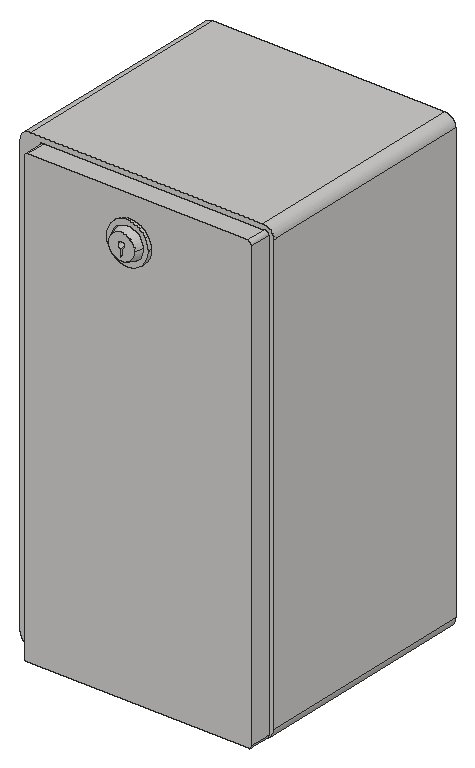
Revit family
Parameters (values of type "Standard")
  Subcategory = "Bathroom Fixture"
  SmartBIM Object Version = 3  # constant formula
  SmartBIM Object Created By = "Reed Construction Data"  # constant formula
  Mounting Height = 1' - 0"
  Material = Steel-Satin Finish
  Manufacturer = ""
  Default Elevation = 0' - 0"  # constant formula
  Assembly Code = "E1090320"
  95 CSI = "10810"
  04 CSI = "10 28 13"
Reference planes (in)
  plane 1 "Center (Front/Back)": y = 0
  plane 2: z = 0
  plane 3 "Center (Left/Right)": x = -10.96875
  plane 4: z = 23
  plane 5: x = -7.9375
  plane 6: x = -14
  plane 7: y = -5.9375
  plane 8: z = 12
  plane 9: y = -5.4375
  plane 10: z = 12
Forms (in)
  Extrusion 1, solid, material "Steel-Satin Finish" <- "Material"
    sketch origin (0, 0, 0) x (1, 0, 0) y (0, 0, 1)
      loop
        arc (-13.75, 23) -> (-13.92678, 22.92678) -> (-14, 22.75) r 0.25
        line (-14, 22.75) -> (-14, 12.25)
        arc (-14, 12.25) -> (-13.92678, 12.07322) -> (-13.75, 12) r 0.25
        line (-13.75, 12) -> (-8.1875, 12)
        arc (-8.1875, 12) -> (-8.01072, 12.07322) -> (-7.9375, 12.25) r 0.25
        line (-7.9375, 12.25) -> (-7.9375, 22.75)
        arc (-7.9375, 22.75) -> (-8.01072, 22.92678) -> (-8.1875, 23) r 0.25
        line (-8.1875, 23) -> (-13.75, 23)
      loop
        line (-13.5, 22.875) -> (-13.5, 12.125) -> (-8.4375, 12.125) -> (-8.4375, 22.875) -> (-13.5, 22.875)
    from 0 to 5.4375
  Extrusion 2, solid, material "Steel-Satin Finish" <- "Material"
    sketch origin (-2.23992, -5.4375, 48) x (1, 0, 0) y (0, 0, 1)
      loop
        line (-11.18761, -36) -> (-5.89506, -36)
        arc (-5.89506, -36) -> (-5.84381, -35.97877) -> (-5.82258, -35.92753) r 0.07247
        line (-5.82258, -35.92753) -> (-5.82258, -25.22029)
        arc (-5.82258, -25.22029) -> (-5.85049, -25.15291) -> (-5.91787, -25.125) r 0.09529
        line (-5.91787, -25.125) -> (-11.17638, -25.125)
        arc (-11.17638, -25.125) -> (-11.23556, -25.14952) -> (-11.26008, -25.2087) r 0.0837
        line (-11.26008, -25.2087) -> (-11.26008, -35.92753)
        arc (-11.26008, -35.92753) -> (-11.23885, -35.97877) -> (-11.18761, -36) r 0.07247
    from 0 to 0.5
  Extrusion 3, solid, material "Steel-Satin Finish" <- "Material"
    sketch origin (-24.23797, -5.9375, 48) x (-1, 0, 0) y (0, 0, 1)
      loop
        circle (-13.26922, -26.14793) r 0.5
      loop
        circle (-13.26922, -26.14793) r 0.3811
    from 0 to -0.07333
  Blend 4, solid, material "Steel-Satin Finish" <- "Material"
    base sketch origin (-24.23797, -5.9375, 48) x (-1, 0, 0) y (0, 0, 1)
      loop
        circle (-13.26922, -26.14793) r 0.3811
    top sketch origin (-24.23797, -5.9375, 48) x (-1, 0, 0) y (0, 0, 1)
      loop
        circle (-13.26922, -26.14793) r 0.3071
    from 0 to -0.25
  Extrusion 5, void
    sketch origin (-24.23797, -5.9375, 48) x (1, 0, 0) y (0, 0, 1)
      loop
        arc (13.28961, -26.19224) -> (13.26922, -26.02907) -> (13.24882, -26.19224) r 0.08286
        line (13.24882, -26.19224) -> (13.24882, -26.34858)
        arc (13.24882, -26.34858) -> (13.26922, -26.36308) -> (13.28961, -26.34858) r 0.0216
        line (13.28961, -26.34858) -> (13.28961, -26.19224)
    from 0 to 0.3215
Cuts and joins
  Extrusion 5 cuts Extrusion 2
  Extrusion 5 cuts Blend 4
Dimensions and locks (in)
  plane 6 to plane 5 = 0' - 6 1/16"
  equal spacing: plane 6, plane 3 "Center (Left/Right)", plane 5
  locked: plane 7 to plane 1 "Center (Front/Back)" at 5.9375
  locked: plane 4 to plane 8 at 11
  locked: plane 9 to plane 7 at 0.5
  locked: plane 7 to Blend 4 at 0.25
  "Mounting Height": plane 8 to plane 2
  aligned and locked: level to plane 2
  aligned and locked: Extrusion 1 sketch curve to plane 4
  aligned and locked: Extrusion 1 sketch curve to plane 5
  aligned and locked: plane 9 to Extrusion 1
  aligned and locked: Extrusion 1 to plane 1 "Center (Front/Back)"
  aligned and locked: Extrusion 2 sketch curve to plane 10
  aligned and locked: Extrusion 2 to plane 7
  aligned and locked: Extrusion 2 to Extrusion 1
  aligned and locked: plane 8 to plane 10
Automatic sketch dimensions
  Extrusion 1 sketch curve to plane 6 = 0' - 0"
  Extrusion 1 sketch curve to plane 8 = 0' - 0"
  plane 6 to Extrusion 1 sketch curve = 0' - 0 1/4"  (x2)
  plane 8 to Extrusion 1 sketch curve = 0' - 0 1/8"
  Extrusion 1 sketch curve to Extrusion 1 sketch curve = 0' - 0 1/4"  (x2)
  Extrusion 1 sketch curve to plane 4 = 0' - 0 1/8"
  Extrusion 1 sketch curve to plane 5 = 0' - 0 1/2"
  Extrusion 1 sketch curve to plane 5 = 0' - 0 1/4"
  Extrusion 2 sketch curve to plane 4 = 0' - 0.2087"
  plane 6 to Extrusion 2 sketch curve = 0' - 0 1/2"
  Extrusion 2 sketch curve to Extrusion 2 sketch curve = 0' - 0.07247"
  Extrusion 2 sketch curve to Extrusion 2 sketch curve = 0' - 0.0837"
  Extrusion 2 sketch curve to plane 5 = 0' - 0.22029"
  Extrusion 2 sketch curve to plane 5 = 0' - 0.19747"
  Extrusion 3 sketch curve to Extrusion 3 sketch curve = 0' - 0"  (x2)
  Extrusion 3 sketch curve to plane 3 "Center (Left/Right)" = 0' - 0"
  Extrusion 3 sketch curve to plane 4 = 0' - 1.14793"
  Blend 4 sketch curve to plane 3 "Center (Left/Right)" = 0' - 0"  (x2)
  Blend 4 sketch curve to plane 4 = 0' - 1.14793"  (x2)
  Extrusion 5 sketch curve to plane 3 "Center (Left/Right)" = 0' - 0"  (x2)
  Extrusion 5 sketch curve to plane 3 "Center (Left/Right)" = 0' - 0.0204"
  plane 3 "Center (Left/Right)" to Extrusion 5 sketch curve = 0' - 0.0204"
  Extrusion 5 sketch curve to plane 4 = 0' - 1.34858"
  Extrusion 5 sketch curve to Extrusion 5 sketch curve = 0' - 0.0071"
  Extrusion 5 sketch curve to Extrusion 5 sketch curve = 0' - 0.14925"
  Extrusion 5 sketch curve to Extrusion 5 sketch curve = 0' - 0.08031"
  Extrusion 2 sketch curve to Extrusion 2 sketch curve = 0' - 0.09529"
  radius of Extrusion 3 sketch curve = 0' - 0 1/2"
  radius of Extrusion 3 sketch curve = 0' - 0.3811"
  radius of Blend 4 sketch curve = 0' - 0.3811"
  radius of Blend 4 sketch curve = 0' - 0.3071"
